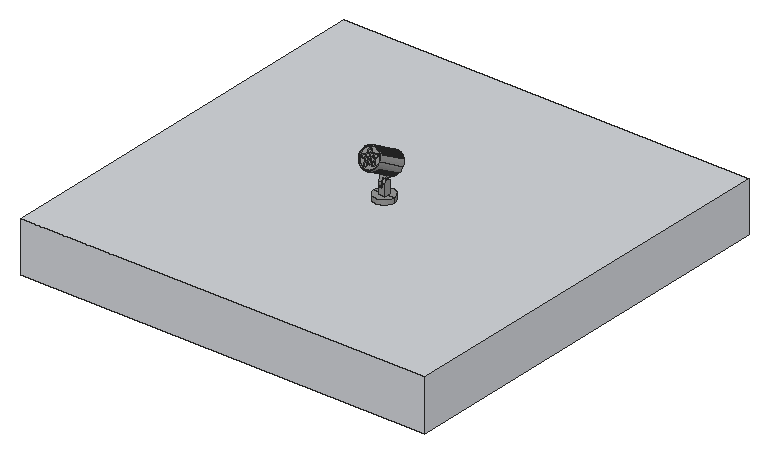
Revit family "LAMP_MINI SHOT G2", category Modelos genéricos, Revit 2015
Parameters (values of type "1146LM 3000 SPOT GR")
  Weight = 3.188 kg
  Type = "HI POWER NICHIA"
  Tilting [instance] = 30.00°
  Protection rating = "IP65 / IK06"
  Product datasheet = "http://www.lamp.es/product-files/TECH/MN215SP830NG-EN.pdf"
  Product code = "MN215SP830NG"
  Product URL = "http://www.lamp.es/en/family/shot_33486"
  Power Supply = "220-240V 50/60Hz"
  Power = 10 W
  Plum = 13.2 W
  Photometric web file = Cabeza MiniShot : 1146LM 3000 SPOT
  Modelo = Product code  # "MN215SP830NG"
  Model explanation = "Availability of tilting between -30º and 90º when placed in a project."
  Material cuerpo = LAMP_Aluminio Shot
  Material cabeza = LAMP_Aluminio Shot
  Manufacturer name = "LAMP"
  Manufacturer country = "Spain"
  Manufacturer URL = "http://www.lamp.es/en"
  MacAdam = "3"
  Luminaire type = "Outdoor - Spotlight"
  Last update = "11/04/2019"
  Lamp = "HIGH POWER LED"
  LED Lifetime [instance] = "60.000 L90 B10"
  Insulation class = "II"
  Installation instructions = "http://www.lamp.es/product-files/INS/1003120-C-INSTR.%20MICRO%20SHOT.pdf"
  Initial intensity = 1146 lm
  Initial color = 3000 K
  IEE = ""
  Height = 250 mm
  Gear = "Electronic"
  Finish = "Texturised grey"
  Fabricante = Manufacturer name  # "LAMP"
  Default Elevation = 1219.2 mm
  Efficacy = 86.8 lm/W
  Diameter = 127 mm
  Descripción = "MINI SHOT G2 1500 WW SP GR."
  Comentarios de tipo = Model explanation  # "Availability of tilting between -30º and 90º when placed in a project."
  CRI = "80"
  Angulo inclinacion [instance] = if(Tilting > 90.00°, 90.00°, if(Tilting < -30.00°, 210.00°, -Tilting + 180.00°))  # 150.00°
Types (24, lengths in mm): name | Weight | Product datasheet | Product code | Power | Plum | Photometric web file | Modelo | Material cuerpo | Material cabeza | Initial intensity | Initial color | IEE | Finish | Efficacy | Descripción
  1097LM 3000 MEDIUM FLOOD ANT | 3.188 kg | "http://www.lamp.es/product-files/TECH/MN215MF830NA-EN.pdf" | "MN215MF830NA" | 10 W | 13.2 W | Cabeza MiniShot : 1097LM 3000 MEDIUM FLOOD | "MN215MF830NA" | LAMP_Aluminio Shot Antracita | LAMP_Aluminio Shot Antracita | 1097 lm | 3000 K | "" | "Textured anthracite grey" | 83.1 lm/W | "MINI SHOT G2 1500 WW MFL ANT."
  1097LM 3000 MEDIUM FLOOD GR | 3.188 kg | "http://www.lamp.es/product-files/TECH/MN215MF830NG-EN.pdf" | "MN215MF830NG" | 10 W | 13.2 W | Cabeza MiniShot : 1097LM 3000 MEDIUM FLOOD | "MN215MF830NG" | LAMP_Aluminio Shot | LAMP_Aluminio Shot | 1097 lm | 3000 K | "" | "Texturised grey" | 83.1 lm/W | "MINI SHOT G2 1500 WW MFL GR."
  1097LM 4000 MEDIUM FLOOD ANT | 3.188 kg | "http://www.lamp.es/product-files/TECH/MN215MF840NA-EN.pdf" | "MN215MF840NA" | 10 W | 13.2 W | Cabeza MiniShot : 1097LM 4000 MEDIUM FLOOD | "MN215MF840NA" | LAMP_Aluminio Shot Antracita | LAMP_Aluminio Shot Antracita | 1097 lm | 4000 K | "" | "Textured anthracite grey" | 83.1 lm/W | "MINI SHOT G2 1500 NW MFL ANT."
  1097LM 4000 MEDIUM FLOOD GR | 3.188 kg | "http://www.lamp.es/product-files/TECH/MN215MF840NG-EN.pdf" | "MN215MF840NG" | 10 W | 13.2 W | Cabeza MiniShot : 1097LM 4000 MEDIUM FLOOD | "MN215MF840NG" | LAMP_Aluminio Shot | LAMP_Aluminio Shot | 1097 lm | 4000 K | "" | "Texturised grey" | 83.1 lm/W | "MINI SHOT G2 1500 NW MFL GR."
  1146LM 3000 SPOT ANT | 3.188 kg | "http://www.lamp.es/product-files/TECH/MN215SP830NA-EN.pdf" | "MN215SP830NA" | 10 W | 13.2 W | Cabeza MiniShot : 1146LM 3000 SPOT | "MN215SP830NA" | LAMP_Aluminio Shot Antracita | LAMP_Aluminio Shot Antracita | 1146 lm | 3000 K | "" | "Textured anthracite grey" | 86.8 lm/W | "MINI SHOT G2 1500 WW SP ANT."
  1146LM 3000 SPOT GR | 3.188 kg | "http://www.lamp.es/product-files/TECH/MN215SP830NG-EN.pdf" | "MN215SP830NG" | 10 W | 13.2 W | Cabeza MiniShot : 1146LM 3000 SPOT | "MN215SP830NG" | LAMP_Aluminio Shot | LAMP_Aluminio Shot | 1146 lm | 3000 K | "" | "Texturised grey" | 86.8 lm/W | "MINI SHOT G2 1500 WW SP GR."
  1146LM 4000 SPOT ANT | 3.188 kg | "http://www.lamp.es/product-files/TECH/MN215SP840NA-EN.pdf" | "MN215SP840NA" | 10 W | 13.2 W | Cabeza MiniShot : 1146LM 4000 SPOT | "MN215SP840NA" | LAMP_Aluminio Shot Antracita | LAMP_Aluminio Shot Antracita | 1146 lm | 4000 K | "" | "Textured anthracite grey" | 86.8 lm/W | "MINI SHOT G2 1500 NW SP ANT."
  1146LM 4000 SPOT GR | 3.188 kg | "http://www.lamp.es/product-files/TECH/MN215SP840NG-EN.pdf" | "MN215SP840NG" | 10 W | 13.2 W | Cabeza MiniShot : 1146LM 4000 SPOT | "MN215SP840NG" | LAMP_Aluminio Shot | LAMP_Aluminio Shot | 1146 lm | 4000 K | "" | "Texturised grey" | 86.8 lm/W | "MINI SHOT G2 1500 NW SP GR."
  2155LM 3000 MEDIUM FLOOD ANT | 3.212 kg | "http://www.lamp.es/product-files/TECH/MN230MF830NA-EN.pdf" | "MN230MF830NA" | 20 W | 23 W | Cabeza MiniShot : 2155LM 3000 MEDIUM FLOOD | "MN230MF830NA" | LAMP_Aluminio Shot Antracita | LAMP_Aluminio Shot Antracita | 2155 lm | 3000 K | "A+" | "Textured anthracite grey" | 93.7 lm/W | "MINI SHOT G2 2900 WW MFL ANT."
  2155LM 3000 MEDIUM FLOOD GR | 3.212 kg | "http://www.lamp.es/product-files/TECH/MN230MF830NG-EN.pdf" | "MN230MF830NG" | 20 W | 23 W | Cabeza MiniShot : 2155LM 3000 MEDIUM FLOOD | "MN230MF830NG" | LAMP_Aluminio Shot | LAMP_Aluminio Shot | 2155 lm | 3000 K | "" | "Texturised grey" | 93.7 lm/W | "MINI SHOT G2 2900 WW MFL GR."
  2155LM 4000 MEDIUM FLOOD ANT | 3.212 kg | "http://www.lamp.es/product-files/TECH/MN230MF840NA-EN.pdf" | "MN230MF840NA" | 20 W | 23 W | Cabeza MiniShot : 2155LM 4000 MEDIUM FLOOD | "MN230MF840NA" | LAMP_Aluminio Shot Antracita | LAMP_Aluminio Shot Antracita | 2155 lm | 4000 K | "A+" | "Textured anthracite grey" | 93.7 lm/W | "MINI SHOT G2 2900 NW MFL ANT."
  2155LM 4000 MEDIUM FLOOD GR | 3.212 kg | "http://www.lamp.es/product-files/TECH/MN230MF840NG-EN.pdf" | "MN230MF840NG" | 20 W | 23 W | Cabeza MiniShot : 2155LM 4000 MEDIUM FLOOD | "MN230MF840NG" | LAMP_Aluminio Shot | LAMP_Aluminio Shot | 2155 lm | 4000 K | "" | "Texturised grey" | 93.7 lm/W | "MINI SHOT G2 2900 NW MFL GR."
  2215LM 3000 SPOT ANT | 3.212 kg | "http://www.lamp.es/product-files/TECH/MN230SP830NA-EN.pdf" | "MN230SP830NA" | 20 W | 23 W | Cabeza MiniShot : 2215LM 3000 SPOT | "MN230SP830NA" | LAMP_Aluminio Shot Antracita | LAMP_Aluminio Shot Antracita | 2215 lm | 3000 K | "" | "Textured anthracite grey" | 96.3 lm/W | "MINI SHOT G2 2900 WW SP ANT."
  2215LM 3000 SPOT GR | 3.212 kg | "http://www.lamp.es/product-files/TECH/MN230SP830NG-EN.pdf" | "MN230SP830NG" | 20 W | 23 W | Cabeza MiniShot : 2215LM 3000 SPOT | "MN230SP830NG" | LAMP_Aluminio Shot | LAMP_Aluminio Shot | 2215 lm | 3000 K | "" | "Texturised grey" | 96.3 lm/W | "MINI SHOT G2 2900 WW SP GR."
  2215LM 4000 SPOT ANT | 3.212 kg | "http://www.lamp.es/product-files/TECH/MN230SP840NA-EN.pdf" | "MN230SP840NA" | 20 W | 23 W | Cabeza MiniShot : 2215LM 4000 SPOT | "MN230SP840NA" | LAMP_Aluminio Shot Antracita | LAMP_Aluminio Shot Antracita | 2215 lm | 4000 K | "A+" | "Textured anthracite grey" | 96.3 lm/W | "MINI SHOT G2 2900 NW SP ANT."
  2215LM 4000 SPOT GR | 3.212 kg | "http://www.lamp.es/product-files/TECH/MN230SP840NG-EN.pdf" | "MN230SP840NG" | 20 W | 23 W | Cabeza MiniShot : 2215LM 4000 SPOT | "MN230SP840NG" | LAMP_Aluminio Shot | LAMP_Aluminio Shot | 2215 lm | 4000 K | "" | "Texturised grey" | 96.3 lm/W | "MINI SHOT G2 2900 NW SP GR."
  2937LM 3000 MEDIUM FLOOD ANT | 3.212 kg | "http://www.lamp.es/product-files/TECH/MN240MF830NA-EN.pdf" | "MN240MF830NA" | 30 W | 33.5 W | Cabeza MiniShot : 2937LM 3000 MEDIUM FLOOD | "MN240MF830NA" | LAMP_Aluminio Shot Antracita | LAMP_Aluminio Shot Antracita | 2937 lm | 3000 K | "A+" | "Textured anthracite grey" | 87.7 lm/W | "MINI SHOT G2 3800 WW MFL ANT."
  2937LM 3000 MEDIUM FLOOD GR | 3.212 kg | "http://www.lamp.es/product-files/TECH/MN240MF830NG-EN.pdf" | "MN240MF830NG" | 30 W | 33.5 W | Cabeza MiniShot : 2937LM 3000 MEDIUM FLOOD | "MN240MF830NG" | LAMP_Aluminio Shot | LAMP_Aluminio Shot | 2937 lm | 3000 K | "A+" | "Texturised grey" | 87.7 lm/W | "MINI SHOT G2 3800 WW MFL GR."
  2937LM 4000 MEDIUM FLOOD ANT | 3.212 kg | "http://www.lamp.es/product-files/TECH/MN240MF840NA-EN.pdf" | "MN240MF840NA" | 30 W | 33.5 W | Cabeza MiniShot : 2937LM 4000 MEDIUM FLOOD | "MN240MF840NA" | LAMP_Aluminio Shot Antracita | LAMP_Aluminio Shot Antracita | 2937 lm | 4000 K | "A+" | "Textured anthracite grey" | 87.7 lm/W | "MINI SHOT G2 3800 NW MFL ANT."
  2937LM 4000 MEDIUM FLOOD GR | 3.212 kg | "http://www.lamp.es/product-files/TECH/MN240MF840NG-EN.pdf" | "MN240MF840NG" | 30 W | 33.5 W | Cabeza MiniShot : 2937LM 4000 MEDIUM FLOOD | "MN240MF840NG" | LAMP_Aluminio Shot | LAMP_Aluminio Shot | 2937 lm | 4000 K | "A+" | "Texturised grey" | 87.7 lm/W | "MINI SHOT G2 3800 NW MFL GR."
  3032LM 3000 SPOT ANT | 3.212 kg | "http://www.lamp.es/product-files/TECH/MN240SP830NA-EN.pdf" | "MN240SP830NA" | 30 W | 33.5 W | Cabeza MiniShot : 3032LM 3000 SPOT | "MN240SP830NA" | LAMP_Aluminio Shot Antracita | LAMP_Aluminio Shot Antracita | 3032 lm | 3000 K | "A+" | "Textured anthracite grey" | 90.5 lm/W | "MINI SHOT G2 3800 WW SP ANT."
  3032LM 3000 SPOT GR | 3.212 kg | "http://www.lamp.es/product-files/TECH/MN240SP830NG-EN.pdf" | "MN240SP830NG" | 30 W | 33.5 W | Cabeza MiniShot : 3032LM 3000 SPOT | "MN240SP830NG" | LAMP_Aluminio Shot | LAMP_Aluminio Shot | 3032 lm | 3000 K | "A+" | "Texturised grey" | 90.5 lm/W | "MINI SHOT G2 3800 WW SP GR."
  3032LM 4000 SPOT ANT | 3.212 kg | "http://www.lamp.es/product-files/TECH/MN240SP840NA-EN.pdf" | "MN240SP840NA" | 30 W | 33.5 W | Cabeza MiniShot : 3032LM 4000 SPOT | "MN240SP840NA" | LAMP_Aluminio Shot Antracita | LAMP_Aluminio Shot Antracita | 3032 lm | 4000 K | "A+" | "Textured anthracite grey" | 90.5 lm/W | "MINI SHOT G2 3800 NW SP ANT."
  3032LM 4000 SPOT GR | 3.212 kg | "http://www.lamp.es/product-files/TECH/MN240SP840NG-EN.pdf" | "MN240SP840NG" | 30 W | 33.5 W | Cabeza MiniShot : 3032LM 4000 SPOT | "MN240SP840NG" | LAMP_Aluminio Shot | LAMP_Aluminio Shot | 3032 lm | 4000 K | "A+" | "Texturised grey" | 90.5 lm/W | "MINI SHOT G2 3800 NW SP GR."
Reference planes
  plane 1 "Centro (Frontal/Posterior)": y = 0
  plane 2: z = 0
  plane 3 "Centro (Izquierda/Derecha)": x = 0
  plane 4: z = 88.45
Forms (mm)
  Extrusion 1, solid
    sketch origin (0, 0, 0) x (1, 0, 0) y (0, 1, 0)
      loop
        line (-1219.2, 1219.2) -> (-1219.2, -1219.2) -> (1219.2, -1219.2) -> (1219.2, 1219.2) -> (-1219.2, 1219.2)
    from 0 to -304.8
  Revolve 2, solid, material "LAMP_Aluminio Shot" <- "Material cuerpo"
    sketch origin (0, 0, 0) x (1, 0, 0) y (0, 0, 1)
      loop
        line (0, 0) -> (61, 0) -> (61, 26) -> (0, 26) -> (0, 0)
      axis (0, 26) -> (0, 0)
    angle from 0 to 360
  Extrusion 3, solid, material "LAMP_Aluminio Shot" <- "Material cuerpo"
    sketch origin (0, 0, -36.2) x (0, 1, 0) y (0, 0, 1)
      loop
        line (19.7, 62.2) -> (19.7, 124.7)
        arc (19.7, 124.7) -> (0, 144.4) -> (-19.7, 124.7) r 19.7
        line (-19.7, 124.7) -> (-19.7, 62.2) -> (19.7, 62.2)
    from -20 to 20
  Extrusion 4, void
    sketch origin (0, 0, -36.2) x (0, 1, 0) y (0, 0, 1)
      loop
        circle (0, 124.65) r 17
      loop
        circle (0, 124.65) r 6
      loop
        circle (0, 124.65) r 2.75
    from 3.917 to 16.658
  Extrusion 5, void
    sketch origin (0, 0, -36.2) x (0, 1, 0) y (0, 0, 1)
      loop
        line (19.7, 110.2) -> (19.7, 149.384) -> (-19.7, 149.384) -> (-19.7, 99.532) -> (2.12, 102.019)
        arc (2.12, 102.019) -> (10.771, 104.559) -> (17.707, 110.319) r 22.281
        arc (17.707, 110.319) -> (18.76, 111.198) -> (19.7, 110.2) r 1
      loop
        circle (0, 124.65) r 6
      loop
        circle (0, 124.65) r 2.75
    from -20 to 3.917
Cuts and joins
  Extrusion 4, Extrusion 5 cuts Extrusion 3
  Extrusion 5 cuts Revolve 2
Lines and regions (mm)
  reference lines
    curve 1: line (0, 0, 88.45) -> (0, -28.511, 39.067)
Text (mm)
  text "Any modification of the parameters and properties of the LAMP BIM models must be executed and validated by the LAMP technical department.\n\nPhone: +34 93 736 68 00\n\nE-mail: lamp@lamp.es\n\n\n\nLAMP reserves the right to modify the technical specifications of its products." at (12869.371, 20226.329, -11399.57), in view "Preview"
Dimensions and locks
  "Angulo inclinacion": angle curve 1 to plane 1 "Centro (Frontal/Posterior)"
  aligned and locked: plane 2 to Extrusion 1
  aligned and locked: level to Extrusion 1
  aligned and locked: plane 1 "Centro (Frontal/Posterior)" to curve 1
  aligned and locked: plane 4 to curve 1
Automatic sketch dimensions
  Extrusion 1 sketch curve to Extrusion 1 sketch curve = 2438.4 mm  (x2)
  Revolve 2 sketch curve to level = 0 mm
  Revolve 2 sketch curve to plane 3 "Centro (Izquierda/Derecha)" = 0 mm  (x2)
  plane 3 "Centro (Izquierda/Derecha)" to Revolve 2 sketch curve = 61 mm
  Revolve 2 sketch curve to Revolve 2 sketch curve = 26 mm
  Revolve 2 sketch curve to level = 609.6 mm
  plane 4 to Revolve 2 sketch curve = 2520.608 mm
  Extrusion 3 sketch curve to plane 1 "Centro (Frontal/Posterior)" = 0 mm
  plane 4 to Extrusion 3 sketch curve = 0.05 mm
  plane 1 "Centro (Frontal/Posterior)" to Extrusion 3 sketch curve = 19.7 mm
  level to Extrusion 3 sketch curve = 26 mm
  Extrusion 4 sketch curve to Extrusion 4 sketch curve = 0 mm  (x6)
  Extrusion 4 sketch curve to plane 1 "Centro (Frontal/Posterior)" = 0 mm
  Extrusion 4 sketch curve to plane 4 = 0 mm
  Extrusion 5 sketch curve to Extrusion 5 sketch curve = 0 mm  (x12)
  Extrusion 5 sketch curve to plane 4 = 0 mm
  Extrusion 5 sketch curve to plane 1 "Centro (Frontal/Posterior)" = 0 mm
  plane 1 "Centro (Frontal/Posterior)" to Extrusion 5 sketch curve = 19.7 mm
  Extrusion 5 sketch curve to plane 1 "Centro (Frontal/Posterior)" = 0.298 mm
  Extrusion 5 sketch curve to plane 1 "Centro (Frontal/Posterior)" = 2.12 mm
  Extrusion 5 sketch curve to Extrusion 5 sketch curve = 16.58 mm
  Extrusion 5 sketch curve to Extrusion 5 sketch curve = 1 mm
  Extrusion 5 sketch curve to plane 4 = 0.425 mm
  Extrusion 5 sketch curve to plane 4 = 14.45 mm
  Extrusion 5 sketch curve to Extrusion 5 sketch curve = 8.181 mm
  Extrusion 5 sketch curve to Extrusion 5 sketch curve = 2.486 mm
  plane 4 to Extrusion 5 sketch curve = 24.734 mm
  plane 1 "Centro (Frontal/Posterior)" to Extrusion 5 sketch curve = 2.75 mm
  Extrusion 5 sketch curve to Extrusion 5 sketch curve = 3.25 mm
  radius of Extrusion 4 sketch curve = 17 mm
  radius of Extrusion 4 sketch curve = 6 mm
  radius of Extrusion 4 sketch curve = 2.75 mm
Nested families
  nested 1: "Cabeza MiniShot" at (-2.6, -1336.187, 974.906) x (-1, 0, 0) z (0, 0.866, -0.5), type <- "Photometric web file", type "1146LM 3000 SPOT"
Connectors
  electrical at (-2.6, 63.83, 166.606)
    settings: on nested 1, index 1, voltage 230 V, apparent load 0 VA, apparent load phase1 0 VA, apparent load phase2 0 VA, apparent load phase3 0 VA, power factor 1, load classification "Otro", number of poles 1, system type 31, power factor state 1, is connector primary yes, connector utility no, sub classification motor no, connector description ""
Definition of nested family "Cabeza MiniShot"
  Parameters (values of type "1097LM 3000 MEDIUM FLOOD")
    Tilt Angle = 90.00°
    Wattage = 13.2 W
    built-in parameter 1150110 = 1 (stored number, unit not read)
    Material serigrafiado = none
    Material cristal = none
    Material cabeza = none
    built-in parameter 1114217 = 1 (stored number, unit not read)
    built-in parameter 1150109 = 1 (stored number, unit not read)
    Default Elevation = 1219.2 mm
    Dist. luz = 20 mm
    built-in parameter 1150134 = (empty or 0)
    built-in parameter 1150113 = 1 (stored number, unit not read)
    Lumens = 1096.92 lm
    built-in parameter 1150115 = 1 (stored number, unit not read)
    built-in parameter 1150105 = 87.29 (stored number, unit not read)
    built-in parameter 1150137 = (empty or 0)
    built-in parameter 1150139 = (empty or 0)
    built-in parameter 1150112 = 1 (stored number, unit not read)
    built-in parameter 1150114 = 1 (stored number, unit not read)
    built-in parameter 1150132 = 2
    built-in parameter 1150102 = (empty or 0)
    built-in parameter 1150138 = (empty or 0)
    built-in parameter 1150107 = 3000 (stored number, unit not read)
    built-in parameter 1150106 = 0.8729 (stored number, unit not read)
    built-in parameter 1150104 = 7.7202 (stored number, unit not read)
    Dimming Lamp Color Temperature Shift = (empty or 0)
    Color Filter = 16777215
    built-in parameter 1114218 = 1 (stored number, unit not read)
    Photometric Web File = "MN215MF830NA.IES"
    built-in parameter 1150133 = 10 (stored number, unit not read)
  Types (13, lengths in mm): name | Wattage | built-in parameter 1150134 | Lumens | built-in parameter 1150105 | built-in parameter 1150107 | built-in parameter 1150106 | built-in parameter 1150104 | Photometric Web File
    (no name) | 13.2 W | (empty or 0) | 1096.92 lm | 87.29 (stored number, unit not read) | 3000 (stored number, unit not read) | 0.8729 (stored number, unit not read) | 7.7202 (stored number, unit not read) | "MN215MF830NA.IES"
    1097LM 3000 MEDIUM FLOOD | 13.2 W | (empty or 0) | 1096.92 lm | 87.29 (stored number, unit not read) | 3000 (stored number, unit not read) | 0.8729 (stored number, unit not read) | 7.7202 (stored number, unit not read) | "MN215MF830NA.IES"
    1097LM 4000 MEDIUM FLOOD | 13.2 W | 12 | 1096.92 lm | 87.29 (stored number, unit not read) | 4000 (stored number, unit not read) | 0.8729 (stored number, unit not read) | 7.7202 (stored number, unit not read) | "MN215MF840NA.IES"
    1146LM 3000 SPOT | 13.2 W | (empty or 0) | 1145.76 lm | 5756.4 (stored number, unit not read) | 3000 (stored number, unit not read) | 57.564 (stored number, unit not read) | 8.064 (stored number, unit not read) | "MN215SP830NA.IES"
    1146LM 4000 SPOT | 13.2 W | 12 | 1145.76 lm | 5756.4 (stored number, unit not read) | 4000 (stored number, unit not read) | 57.564 (stored number, unit not read) | 8.064 (stored number, unit not read) | "MN215SP840NA.IES"
    2155LM 3000 MEDIUM FLOOD | 23 W | (empty or 0) | 2155.1 lm | 32086.6 (stored number, unit not read) | 3000 (stored number, unit not read) | 320.87 (stored number, unit not read) | 8.705 (stored number, unit not read) | "MN230MF830NA.IES"
    2155LM 4000 MEDIUM FLOOD | 23 W | 12 | 2155.1 lm | 32086.6 (stored number, unit not read) | 4000 (stored number, unit not read) | 320.87 (stored number, unit not read) | 8.705 (stored number, unit not read) | "MN230MF840NA.IES"
    2215LM 3000 SPOT | 23 W | (empty or 0) | 2214.9 lm | 34023.2 (stored number, unit not read) | 3000 (stored number, unit not read) | 340.23 (stored number, unit not read) | 8.9466 (stored number, unit not read) | "MN230SP830NA.IES"
    2215LM 4000 SPOT | 23 W | 12 | 2214.9 lm | 34023.2 (stored number, unit not read) | 4000 (stored number, unit not read) | 340.23 (stored number, unit not read) | 8.9466 (stored number, unit not read) | "MN230SP840NA.IES"
    2937LM 3000 MEDIUM FLOOD | 33.5 W | (empty or 0) | 2937.95 lm | 14727.3 (stored number, unit not read) | 3000 (stored number, unit not read) | 147.27 (stored number, unit not read) | 8.1476 (stored number, unit not read) | "MN240MF830NA.IES"
    2937LM 4000 MEDIUM FLOOD | 33.5 W | 12 | 2937.95 lm | 14727.3 (stored number, unit not read) | 4000 (stored number, unit not read) | 147.27 (stored number, unit not read) | 8.1476 (stored number, unit not read) | "MN240MF840NA.IES"
    3032LM 3000 SPOT | 33.5 W | (empty or 0) | 3031.75 lm | 15197.5 (stored number, unit not read) | 3000 (stored number, unit not read) | 151.98 (stored number, unit not read) | 8.4077 (stored number, unit not read) | "MN240SP830NA.IES"
    3032LM 4000 SPOT | 33.5 W | 12 | 3031.75 lm | 15197.5 (stored number, unit not read) | 4000 (stored number, unit not read) | 151.98 (stored number, unit not read) | 8.4077 (stored number, unit not read) | "MN240SP840NA.IES"
  Reference planes
    plane 1 "Eje de origen de luz (F/P)": y = 0
    plane 2: z = 0
    plane 3 "Eje de origen de luz (I/D)": x = 0
    plane 4 "Elevación de origen de luz": z = 1400
    plane 5: z = 1420
  Forms (mm)
    Revolve 1, solid, material <- "Material cabeza"
      sketch origin (0, 0, 0) x (1, 0, 0) y (0, 0, 1)
        loop
          line (63.5, 1420) -> (63.5, 1620) -> (0, 1620) -> (0, 1429) -> (58.5, 1429) -> (58.5, 1420) -> (63.5, 1420)
        axis (0, 1620) -> (0, 1420)
      angle from 0 to 360
    Extrusion 2, void
      sketch origin (0, 0, 1400) x (0, -1, 0) y (1, 0, 0)
        loop
          arc (34.823, -53.1) -> (37.913, -50.94) -> (40.869, -48.6) r 63.5
          line (40.869, -48.6) -> (-40.869, -48.6)
          arc (-40.869, -48.6) -> (-37.913, -50.94) -> (-34.823, -53.1) r 63.5
          line (-34.823, -53.1) -> (34.823, -53.1)
        loop
          arc (43.775, -46) -> (45.974, -43.802) -> (48.062, -41.5) r 63.5
          line (48.062, -41.5) -> (-48.062, -41.5)
          arc (-48.062, -41.5) -> (-45.974, -43.802) -> (-43.775, -46) r 63.5
          line (-43.775, -46) -> (43.775, -46)
        loop
          arc (50.19, -38.9) -> (51.831, -36.685) -> (53.375, -34.4) r 63.5
          line (53.375, -34.4) -> (-53.375, -34.4)
          arc (-53.375, -34.4) -> (-51.831, -36.685) -> (-50.19, -38.9) r 63.5
          line (-50.19, -38.9) -> (50.19, -38.9)
        loop
          arc (54.964, -31.8) -> (56.219, -29.525) -> (57.38, -27.2) r 63.5
          line (57.38, -27.2) -> (-57.38, -27.2)
          arc (-57.38, -27.2) -> (-56.219, -29.525) -> (-54.964, -31.8) r 63.5
          line (-54.964, -31.8) -> (54.964, -31.8)
        loop
          line (60.268, -20) -> (-60.268, -20)
          arc (-60.268, -20) -> (-59.449, -22.317) -> (-58.541, -24.6) r 63.5
          line (-58.541, -24.6) -> (58.541, -24.6)
          arc (58.541, -24.6) -> (59.449, -22.317) -> (60.268, -20) r 63.5
        loop
          line (8.35, -17.4) -> (61.07, -17.4)
          arc (61.07, -17.4) -> (61.676, -15.111) -> (62.197, -12.8) r 63.5
          line (62.197, -12.8) -> (14.445, -12.8)
          arc (14.445, -12.8) -> (11.627, -15.404) -> (8.35, -17.4) r 19.3
        loop
          arc (18.47, -5.6) -> (17.578, -7.969) -> (16.384, -10.2) r 19.3
          line (16.384, -10.2) -> (62.675, -10.2)
          arc (62.675, -10.2) -> (63.006, -7.905) -> (63.253, -5.6) r 63.5
          line (63.253, -5.6) -> (18.47, -5.6)
        loop
          line (19.162, -2.3) -> (63.458, -2.3)
          arc (63.458, -2.3) -> (63.5, 0) -> (63.458, 2.3) r 63.5
          line (63.458, 2.3) -> (19.162, 2.3)
          arc (19.162, 2.3) -> (19.3, 0) -> (19.162, -2.3) r 19.3
        loop
          line (34.823, 53.1) -> (-34.823, 53.1)
          arc (-34.823, 53.1) -> (-37.913, 50.94) -> (-40.869, 48.6) r 63.5
          line (-40.869, 48.6) -> (40.869, 48.6)
          arc (40.869, 48.6) -> (37.913, 50.94) -> (34.823, 53.1) r 63.5
        loop
          line (43.775, 46) -> (-43.775, 46)
          arc (-43.775, 46) -> (-45.974, 43.802) -> (-48.062, 41.5) r 63.5
          line (-48.062, 41.5) -> (48.062, 41.5)
          arc (48.062, 41.5) -> (45.974, 43.802) -> (43.775, 46) r 63.5
        loop
          line (50.19, 38.9) -> (-50.19, 38.9)
          arc (-50.19, 38.9) -> (-51.831, 36.685) -> (-53.375, 34.4) r 63.5
          line (-53.375, 34.4) -> (53.375, 34.4)
          arc (53.375, 34.4) -> (51.831, 36.685) -> (50.19, 38.9) r 63.5
        loop
          line (54.964, 31.8) -> (-54.964, 31.8)
          arc (-54.964, 31.8) -> (-56.219, 29.525) -> (-57.38, 27.2) r 63.5
          line (-57.38, 27.2) -> (57.38, 27.2)
          arc (57.38, 27.2) -> (56.219, 29.525) -> (54.964, 31.8) r 63.5
        loop
          arc (60.268, 20) -> (59.449, 22.317) -> (58.541, 24.6) r 63.5
          line (58.541, 24.6) -> (-58.541, 24.6)
          arc (-58.541, 24.6) -> (-59.449, 22.317) -> (-60.268, 20) r 63.5
          line (-60.268, 20) -> (60.268, 20)
        loop
          arc (8.35, 17.4) -> (11.627, 15.404) -> (14.445, 12.8) r 19.3
          line (14.445, 12.8) -> (62.197, 12.8)
          arc (62.197, 12.8) -> (61.676, 15.111) -> (61.07, 17.4) r 63.5
          line (61.07, 17.4) -> (8.35, 17.4)
        loop
          line (18.47, 5.6) -> (63.253, 5.6)
          arc (63.253, 5.6) -> (63.006, 7.905) -> (62.675, 10.2) r 63.5
          line (62.675, 10.2) -> (16.384, 10.2)
          arc (16.384, 10.2) -> (17.578, 7.969) -> (18.47, 5.6) r 19.3
        loop
          arc (-8.35, -17.4) -> (-19.3, 0) -> (-8.35, 17.4) r 19.3
          line (-8.35, 17.4) -> (-61.07, 17.4)
          arc (-61.07, 17.4) -> (-61.676, 15.111) -> (-62.197, 12.8) r 63.5
          arc (-62.197, 12.8) -> (-63.456, -2.368) -> (-61.07, -17.4) r 63.5
          line (-61.07, -17.4) -> (-8.35, -17.4)
        loop
          circle (0, 0) r 5.25
      from 216.6 to 220
    Extrusion 3, void
      sketch origin (0, 0, 1400) x (0, -1, 0) y (1, 0, 0)
        loop
          line (-34.823, -53.1) -> (-26.823, -53.1)
          arc (-26.823, -53.1) -> (-30.649, -50.988) -> (-34.309, -48.6) r 59.49
          line (-34.309, -48.6) -> (-40.869, -48.6)
          arc (-40.869, -48.6) -> (-37.913, -50.94) -> (-34.823, -53.1) r 63.5
        loop
          line (-43.775, -46) -> (-37.724, -46)
          arc (-37.724, -46) -> (-40.237, -43.819) -> (-42.624, -41.5) r 59.49
          line (-42.624, -41.5) -> (-48.062, -41.5)
          arc (-48.062, -41.5) -> (-45.974, -43.802) -> (-43.775, -46) r 63.5
        loop
          line (-50.19, -38.9) -> (-45.01, -38.9)
          arc (-45.01, -38.9) -> (-46.827, -36.692) -> (-48.536, -34.4) r 59.49
          line (-48.536, -34.4) -> (-53.375, -34.4)
          arc (-53.375, -34.4) -> (-51.831, -36.685) -> (-50.19, -38.9) r 63.5
        loop
          line (-54.964, -31.8) -> (-50.278, -31.8)
          arc (-50.278, -31.8) -> (-51.644, -29.529) -> (-52.908, -27.2) r 59.49
          line (-52.908, -27.2) -> (-57.38, -27.2)
          arc (-57.38, -27.2) -> (-56.219, -29.525) -> (-54.964, -31.8) r 63.5
        loop
          line (-58.541, -24.6) -> (-54.166, -24.6)
          arc (-54.166, -24.6) -> (-55.145, -22.319) -> (-56.028, -20) r 59.49
          line (-56.028, -20) -> (-60.268, -20)
          arc (-60.268, -20) -> (-59.449, -22.317) -> (-58.541, -24.6) r 63.5
        loop
          arc (-34.823, 53.1) -> (-37.913, 50.94) -> (-40.869, 48.6) r 63.5
          line (-40.869, 48.6) -> (-34.309, 48.6)
          arc (-34.309, 48.6) -> (-30.649, 50.988) -> (-26.823, 53.1) r 59.49
          line (-26.823, 53.1) -> (-34.823, 53.1)
        loop
          arc (-43.775, 46) -> (-45.974, 43.802) -> (-48.062, 41.5) r 63.5
          line (-48.062, 41.5) -> (-42.624, 41.5)
          arc (-42.624, 41.5) -> (-40.237, 43.819) -> (-37.724, 46) r 59.49
          line (-37.724, 46) -> (-43.775, 46)
        loop
          arc (-50.19, 38.9) -> (-51.831, 36.685) -> (-53.375, 34.4) r 63.5
          line (-53.375, 34.4) -> (-48.536, 34.4)
          arc (-48.536, 34.4) -> (-46.827, 36.692) -> (-45.01, 38.9) r 59.49
          line (-45.01, 38.9) -> (-50.19, 38.9)
        loop
          arc (-54.964, 31.8) -> (-56.219, 29.525) -> (-57.38, 27.2) r 63.5
          line (-57.38, 27.2) -> (-52.908, 27.2)
          arc (-52.908, 27.2) -> (-51.644, 29.529) -> (-50.278, 31.8) r 59.49
          line (-50.278, 31.8) -> (-54.964, 31.8)
        loop
          arc (-58.541, 24.6) -> (-59.449, 22.317) -> (-60.268, 20) r 63.5
          line (-60.268, 20) -> (-56.028, 20)
          arc (-56.028, 20) -> (-55.145, 22.319) -> (-54.166, 24.6) r 59.49
          line (-54.166, 24.6) -> (-58.541, 24.6)
        loop
          arc (34.823, -53.1) -> (37.913, -50.94) -> (40.869, -48.6) r 63.5
          line (40.869, -48.6) -> (34.309, -48.6)
          arc (34.309, -48.6) -> (30.649, -50.988) -> (26.823, -53.1) r 59.49
          line (26.823, -53.1) -> (34.823, -53.1)
        loop
          arc (43.775, -46) -> (45.974, -43.802) -> (48.062, -41.5) r 63.5
          line (48.062, -41.5) -> (42.624, -41.5)
          arc (42.624, -41.5) -> (40.237, -43.819) -> (37.724, -46) r 59.49
          line (37.724, -46) -> (43.775, -46)
        loop
          arc (50.19, -38.9) -> (51.831, -36.685) -> (53.375, -34.4) r 63.5
          line (53.375, -34.4) -> (48.536, -34.4)
          arc (48.536, -34.4) -> (46.827, -36.692) -> (45.01, -38.9) r 59.49
          line (45.01, -38.9) -> (50.19, -38.9)
        loop
          arc (54.964, -31.8) -> (56.219, -29.525) -> (57.38, -27.2) r 63.5
          line (57.38, -27.2) -> (52.908, -27.2)
          arc (52.908, -27.2) -> (51.644, -29.529) -> (50.278, -31.8) r 59.49
          line (50.278, -31.8) -> (54.964, -31.8)
        loop
          arc (58.541, -24.6) -> (59.449, -22.317) -> (60.268, -20) r 63.5
          line (60.268, -20) -> (56.028, -20)
          arc (56.028, -20) -> (55.145, -22.319) -> (54.166, -24.6) r 59.49
          line (54.166, -24.6) -> (58.541, -24.6)
        loop
          line (34.823, 53.1) -> (26.823, 53.1)
          arc (26.823, 53.1) -> (30.649, 50.988) -> (34.309, 48.6) r 59.49
          line (34.309, 48.6) -> (40.869, 48.6)
          arc (40.869, 48.6) -> (37.913, 50.94) -> (34.823, 53.1) r 63.5
        loop
          line (43.775, 46) -> (37.724, 46)
          arc (37.724, 46) -> (40.237, 43.819) -> (42.624, 41.5) r 59.49
          line (42.624, 41.5) -> (48.062, 41.5)
          arc (48.062, 41.5) -> (45.974, 43.802) -> (43.775, 46) r 63.5
        loop
          line (50.19, 38.9) -> (45.01, 38.9)
          arc (45.01, 38.9) -> (46.827, 36.692) -> (48.536, 34.4) r 59.49
          line (48.536, 34.4) -> (53.375, 34.4)
          arc (53.375, 34.4) -> (51.831, 36.685) -> (50.19, 38.9) r 63.5
        loop
          line (54.964, 31.8) -> (50.278, 31.8)
          arc (50.278, 31.8) -> (51.644, 29.529) -> (52.908, 27.2) r 59.49
          line (52.908, 27.2) -> (57.38, 27.2)
          arc (57.38, 27.2) -> (56.219, 29.525) -> (54.964, 31.8) r 63.5
        loop
          line (58.541, 24.6) -> (54.166, 24.6)
          arc (54.166, 24.6) -> (55.145, 22.319) -> (56.028, 20) r 59.49
          line (56.028, 20) -> (60.268, 20)
          arc (60.268, 20) -> (59.449, 22.317) -> (58.541, 24.6) r 63.5
        loop
          arc (61.07, -17.4) -> (61.676, -15.111) -> (62.197, -12.8) r 63.5
          line (62.197, -12.8) -> (58.097, -12.8)
          arc (58.097, -12.8) -> (57.539, -15.112) -> (56.889, -17.4) r 59.49
          line (56.889, -17.4) -> (61.07, -17.4)
        loop
          arc (62.675, -10.2) -> (63.006, -7.905) -> (63.253, -5.6) r 63.5
          line (63.253, -5.6) -> (59.226, -5.6)
          arc (59.226, -5.6) -> (58.963, -7.906) -> (58.609, -10.2) r 59.49
          line (58.609, -10.2) -> (62.675, -10.2)
        loop
          arc (63.458, -2.3) -> (63.5, 0) -> (63.458, 2.3) r 63.5
          line (63.458, 2.3) -> (59.446, 2.3)
          arc (59.446, 2.3) -> (59.49, 0) -> (59.446, -2.3) r 59.49
          line (59.446, -2.3) -> (63.458, -2.3)
        loop
          arc (63.253, 5.6) -> (63.006, 7.905) -> (62.675, 10.2) r 63.5
          line (62.675, 10.2) -> (58.609, 10.2)
          arc (58.609, 10.2) -> (58.963, 7.906) -> (59.226, 5.6) r 59.49
          line (59.226, 5.6) -> (63.253, 5.6)
        loop
          arc (62.197, 12.8) -> (61.676, 15.111) -> (61.07, 17.4) r 63.5
          line (61.07, 17.4) -> (56.889, 17.4)
          arc (56.889, 17.4) -> (57.539, 15.112) -> (58.097, 12.8) r 59.49
          line (58.097, 12.8) -> (62.197, 12.8)
        loop
          line (-61.07, -17.4) -> (-56.889, -17.4)
          arc (-56.889, -17.4) -> (-57.539, -15.112) -> (-58.097, -12.8) r 59.49
          line (-58.097, -12.8) -> (-62.197, -12.8)
          arc (-62.197, -12.8) -> (-61.676, -15.111) -> (-61.07, -17.4) r 63.5
        loop
          line (-62.675, -10.2) -> (-58.609, -10.2)
          arc (-58.609, -10.2) -> (-58.963, -7.906) -> (-59.226, -5.6) r 59.49
          line (-59.226, -5.6) -> (-63.253, -5.6)
          arc (-63.253, -5.6) -> (-63.006, -7.905) -> (-62.675, -10.2) r 63.5
        loop
          line (-63.458, -2.3) -> (-59.446, -2.3)
          arc (-59.446, -2.3) -> (-59.49, 0) -> (-59.446, 2.3) r 59.49
          line (-59.446, 2.3) -> (-63.458, 2.3)
          arc (-63.458, 2.3) -> (-63.5, 0) -> (-63.458, -2.3) r 63.5
        loop
          line (-63.253, 5.6) -> (-59.226, 5.6)
          arc (-59.226, 5.6) -> (-58.963, 7.906) -> (-58.609, 10.2) r 59.49
          line (-58.609, 10.2) -> (-62.675, 10.2)
          arc (-62.675, 10.2) -> (-63.006, 7.905) -> (-63.253, 5.6) r 63.5
        loop
          line (-62.197, 12.8) -> (-58.097, 12.8)
          arc (-58.097, 12.8) -> (-57.539, 15.112) -> (-56.889, 17.4) r 59.49
          line (-56.889, 17.4) -> (-61.07, 17.4)
          arc (-61.07, 17.4) -> (-61.676, 15.111) -> (-62.197, 12.8) r 63.5
      from 29 to 220
    Extrusion 4, void
      sketch origin (0, 0, 1400) x (0, -1, 0) y (1, 0, 0)
        loop
          arc (19.304, 53.1) -> (56.5, 0) -> (19.304, -53.1) r 56.5
          line (19.304, -53.1) -> (34.823, -53.1)
          arc (34.823, -53.1) -> (63.5, 0) -> (34.823, 53.1) r 63.5
          line (34.823, 53.1) -> (19.304, 53.1)
        loop
          line (-19.304, 53.1) -> (-34.823, 53.1)
          arc (-34.823, 53.1) -> (-63.5, 0) -> (-34.823, -53.1) r 63.5
          line (-34.823, -53.1) -> (-19.304, -53.1)
          arc (-19.304, -53.1) -> (-56.5, 0) -> (-19.304, 53.1) r 56.5
      from 40.091 to 52.575
    Extrusion 5, solid, material <- "Material serigrafiado"
      sketch origin (0, 0, 1400) x (0, -1, 0) y (1, 0, 0)
        loop
          circle (33.806, 11.468) r 10.8
        loop
          circle (20.841, -28.892) r 10.8
        loop
          circle (-20.397, -29.297) r 10.8
        loop
          circle (-33.954, 11.022) r 10.8
        loop
          circle (0, 35.698) r 10.8
        loop
          circle (-18.07, -5.871) r 10.8
        loop
          circle (-11.168, 15.371) r 10.8
        loop
          circle (11.168, 15.371) r 10.8
        loop
          circle (18.07, -5.871) r 10.8
        loop
          circle (0, -19) r 10.8
        loop
          circle (0, 0) r 58.5
      from 20 to 29
    Extrusion 6, solid, material <- "Material cristal"
      sketch origin (0, 0, 1400) x (0, -1, 0) y (1, 0, 0)
        loop
          circle (-20.397, -29.297) r 10.8
        loop
          circle (0, -19) r 10.8
        loop
          circle (20.841, -28.892) r 10.8
        loop
          circle (18.07, -5.871) r 10.8
        loop
          circle (11.168, 15.371) r 10.8
        loop
          circle (33.806, 11.468) r 10.8
        loop
          circle (0, 35.698) r 10.8
        loop
          circle (-11.168, 15.371) r 10.8
        loop
          circle (-18.07, -5.871) r 10.8
        loop
          circle (-33.954, 11.022) r 10.8
      from 20 to 29
    Extrusion 7, solid, material <- "Material cabeza"
      sketch origin (0, 0, 0) x (0, 1, 0) y (0, 0, 1)
        loop
          line (8.35, 1620) -> (8.35, 1574.281) -> (101.582, 1580.8)
          arc (101.582, 1580.8) -> (119.2, 1602.382) -> (97.618, 1620) r 19.7
          line (97.618, 1620) -> (8.35, 1620)
      from -17.4 to 17.4
    Extrusion 8, void
      sketch origin (0, 0, 1400) x (0, -1, 0) y (1, 0, 0)
        loop
          line (-6.754, -18.08) -> (-6.754, 18.08)
          arc (-6.754, 18.08) -> (-19.3, 0) -> (-6.754, -18.08) r 19.3
      from 216.6 to 220
    Extrusion 9, void
      sketch origin (0, 0, 0) x (0, 1, 0) y (0, 0, 1)
        loop
          circle (99.6, 1600.4) r 20.7
        loop
          circle (99.6, 1600.4) r 16.7
      from -17.4 to -2.3
    Extrusion 10, void
      sketch origin (0, 0, 0) x (0, 1, 0) y (0, 0, 1)
        loop
          circle (99.6, 1600.4) r 14.9
      from -17.4 to -2.3
    Extrusion 11, void
      sketch origin (0, 0, 0) x (0, 1, 0) y (0, 0, 1)
        loop
          line (92.942, 1620) -> (65.704, 1620) -> (65.704, 1600.4)
          arc (65.704, 1600.4) -> (70.096, 1587.651) -> (81.408, 1580.312) r 20.7
          line (81.408, 1580.312) -> (81.408, 1579.389) -> (94.604, 1580.312)
          arc (94.604, 1580.312) -> (83.292, 1587.651) -> (78.9, 1600.4) r 20.7
          arc (78.9, 1600.4) -> (82.773, 1612.455) -> (92.942, 1620) r 20.7
      from -17.4 to -2.3
    Extrusion 12, solid
      sketch origin (-0.287, 90.426, 1400) x (0, 1, 0) y (-1, 0, 0)
        loop
          line (-39.789, 15.458) -> (-50.469, 15.458)
          arc (-50.469, 15.458) -> (-51.094, 14.832) -> (-50.469, 14.207) r 0.626
          line (-50.469, 14.207) -> (-41.014, 14.207)
          arc (-41.014, 14.207) -> (-40.621, 14.044) -> (-40.459, 13.651) r 0.556
          line (-40.459, 13.651) -> (-40.459, 11.928) -> (-50.229, 8.566)
          arc (-50.229, 8.566) -> (-51.028, 7.445) -> (-50.228, 6.325) r 1.185
          line (-50.228, 6.325) -> (-40.945, 3.132)
          arc (-40.945, 3.132) -> (-40.47, 2.335) -> (-41.178, 1.736) r 0.718
          line (-41.178, 1.736) -> (-49.876, 1.736)
          arc (-49.876, 1.736) -> (-51.137, 0.828) -> (-50.678, -0.657) r 1.33
          line (-50.678, -0.657) -> (-48.681, -2.653) -> (-50.678, -4.649)
          arc (-50.678, -4.649) -> (-51.137, -6.134) -> (-49.876, -7.042) r 1.33
          line (-49.876, -7.042) -> (-41.037, -7.042)
          arc (-41.037, -7.042) -> (-40.628, -7.211) -> (-40.459, -7.62) r 0.578
          line (-40.459, -7.62) -> (-40.459, -8.907)
          arc (-40.459, -8.907) -> (-40.629, -9.318) -> (-41.04, -9.488) r 0.581
          line (-41.04, -9.488) -> (-50.447, -9.488)
          arc (-50.447, -9.488) -> (-50.858, -9.659) -> (-51.028, -10.07) r 0.581
          line (-51.028, -10.07) -> (-51.028, -15.156)
          arc (-51.028, -15.156) -> (-50.855, -15.572) -> (-50.439, -15.745) r 0.589
          line (-50.439, -15.745) -> (-45.958, -15.745)
          arc (-45.958, -15.745) -> (-45.561, -15.58) -> (-45.397, -15.184) r 0.561
          line (-45.397, -15.184) -> (-45.397, -11.512)
          arc (-45.397, -11.512) -> (-46.023, -10.886) -> (-46.648, -11.512) r 0.626
          line (-46.648, -11.512) -> (-46.648, -13.918)
          arc (-46.648, -13.918) -> (-46.817, -14.325) -> (-47.223, -14.493) r 0.575
          line (-47.223, -14.493) -> (-49.198, -14.493)
          arc (-49.198, -14.493) -> (-49.607, -14.324) -> (-49.777, -13.915) r 0.579
          line (-49.777, -13.915) -> (-49.777, -11.301)
          arc (-49.777, -11.301) -> (-49.612, -10.904) -> (-49.215, -10.74) r 0.562
          line (-49.215, -10.74) -> (-39.805, -10.74)
          arc (-39.805, -10.74) -> (-39.394, -10.569) -> (-39.223, -10.158) r 0.581
          line (-39.223, -10.158) -> (-39.223, -6.306)
          arc (-39.223, -6.306) -> (-39.381, -5.926) -> (-39.76, -5.769) r 0.537
          line (-39.76, -5.769) -> (-49.697, -5.769) -> (-46.581, -2.653) -> (-49.697, 0.463) -> (-39.856, 0.463)
          arc (-39.856, 0.463) -> (-39.464, 0.625) -> (-39.303, 1.016) r 0.553
          line (-39.303, 1.016) -> (-39.303, 3.892) -> (-49.634, 7.446) -> (-39.223, 11.028) -> (-39.223, 14.892)
          arc (-39.223, 14.892) -> (-39.389, 15.292) -> (-39.789, 15.458) r 0.566
      from 220 to 221
  Cuts and joins
    Extrusion 2, Extrusion 3, Extrusion 4 cuts Revolve 1
    Extrusion 8, Extrusion 9, Extrusion 10, Extrusion 11 cuts Extrusion 7
  Dimensions and locks
    "Dist. luz": plane 5 to plane 4 "Elevación de origen de luz"
    aligned and locked: plane 3 "Eje de origen de luz (I/D)" to imposter light
    aligned and locked: plane 1 "Eje de origen de luz (F/P)" to imposter light
    aligned and locked: plane 4 "Elevación de origen de luz" to imposter light
    aligned and locked: plane 2 to level
  Automatic sketch dimensions
    Revolve 1 sketch curve to plane 3 "Eje de origen de luz (I/D)" = 0 mm  (x2)
    Revolve 1 sketch curve to plane 5 = 0 mm
    plane 5 to Revolve 1 sketch curve = 9 mm
    Revolve 1 sketch curve to Revolve 1 sketch curve = 58.5 mm
    Revolve 1 sketch curve to Revolve 1 sketch curve = 5 mm
    Revolve 1 sketch curve to Revolve 1 sketch curve = 191 mm
    Revolve 1 sketch curve to level = 304.8 mm
    Revolve 1 sketch curve to Revolve 1 sketch curve = 746.751 mm
    Extrusion 2 sketch curve to Extrusion 2 sketch curve = 0 mm  (x1123)
    plane 1 "Eje de origen de luz (F/P)" to Extrusion 2 sketch curve = 0 mm
    Extrusion 2 sketch curve to plane 3 "Eje de origen de luz (I/D)" = 0 mm
    Extrusion 2 sketch curve to plane 1 "Eje de origen de luz (F/P)" = 8.35 mm  (x2)
    Extrusion 2 sketch curve to plane 1 "Eje de origen de luz (F/P)" = 34.823 mm  (x2)
    Extrusion 2 sketch curve to Extrusion 2 sketch curve = 6.046 mm  (x2)
    Extrusion 2 sketch curve to Extrusion 2 sketch curve = 2.906 mm  (x4)
    Extrusion 2 sketch curve to Extrusion 2 sketch curve = 4.287 mm  (x2)
    Extrusion 2 sketch curve to Extrusion 2 sketch curve = 2.128 mm  (x4)
    Extrusion 2 sketch curve to Extrusion 2 sketch curve = 3.185 mm  (x2)
    Extrusion 2 sketch curve to Extrusion 2 sketch curve = 1.589 mm  (x4)
    Extrusion 2 sketch curve to Extrusion 2 sketch curve = 2.416 mm  (x2)
    Extrusion 2 sketch curve to Extrusion 2 sketch curve = 1.162 mm  (x4)
    Extrusion 2 sketch curve to Extrusion 2 sketch curve = 1.727 mm  (x2)
    Extrusion 2 sketch curve to Extrusion 2 sketch curve = 0.801 mm  (x3)
    plane 1 "Eje de origen de luz (F/P)" to Extrusion 2 sketch curve = 8.35 mm  (x2)
    Extrusion 2 sketch curve to Extrusion 2 sketch curve = 6.094 mm  (x2)
    Extrusion 2 sketch curve to Extrusion 2 sketch curve = 1.94 mm  (x2)
    Extrusion 2 sketch curve to Extrusion 2 sketch curve = 2.085 mm  (x2)
    Extrusion 2 sketch curve to Extrusion 2 sketch curve = 0.693 mm  (x2)
    Extrusion 2 sketch curve to plane 3 "Eje de origen de luz (I/D)" = 2.3 mm
    plane 1 "Eje de origen de luz (F/P)" to Extrusion 2 sketch curve = 34.823 mm  (x2)
    Extrusion 2 sketch curve to Extrusion 2 sketch curve = 0.479 mm  (x2)
    Extrusion 2 sketch curve to Extrusion 2 sketch curve = 0.206 mm
    Extrusion 2 sketch curve to Extrusion 2 sketch curve = 3.3 mm  (x2)
    Extrusion 2 sketch curve to Extrusion 2 sketch curve = 2.6 mm  (x12)
    Extrusion 2 sketch curve to Extrusion 2 sketch curve = 1.127 mm
    Extrusion 3 sketch curve to Extrusion 3 sketch curve = 0 mm  (x3540)
    plane 1 "Eje de origen de luz (F/P)" to Extrusion 3 sketch curve = 0 mm
    Extrusion 3 sketch curve to plane 3 "Eje de origen de luz (I/D)" = 0 mm
    Extrusion 3 sketch curve to plane 1 "Eje de origen de luz (F/P)" = 26.823 mm  (x2)
    Extrusion 3 sketch curve to Extrusion 3 sketch curve = 7.486 mm  (x4)
    Extrusion 3 sketch curve to Extrusion 3 sketch curve = 0.514 mm  (x4)
    Extrusion 3 sketch curve to Extrusion 3 sketch curve = 3.145 mm  (x4)
    Extrusion 3 sketch curve to Extrusion 3 sketch curve = 4.901 mm  (x4)
    Extrusion 3 sketch curve to Extrusion 3 sketch curve = 2.906 mm  (x4)
    Extrusion 3 sketch curve to Extrusion 3 sketch curve = 2.385 mm  (x4)
    Extrusion 3 sketch curve to Extrusion 3 sketch curve = 3.526 mm  (x4)
    Extrusion 3 sketch curve to Extrusion 3 sketch curve = 2.128 mm  (x4)
    Extrusion 3 sketch curve to Extrusion 3 sketch curve = 1.742 mm  (x4)
    Extrusion 3 sketch curve to Extrusion 3 sketch curve = 2.63 mm  (x4)
    Extrusion 3 sketch curve to Extrusion 3 sketch curve = 1.258 mm  (x4)
    Extrusion 3 sketch curve to Extrusion 3 sketch curve = 1.589 mm  (x4)
    Extrusion 3 sketch curve to Extrusion 3 sketch curve = 1.862 mm  (x4)
    Extrusion 3 sketch curve to Extrusion 3 sketch curve = 0.861 mm  (x4)
    Extrusion 3 sketch curve to Extrusion 3 sketch curve = 1.208 mm  (x4)
    Extrusion 3 sketch curve to Extrusion 3 sketch curve = 1.162 mm  (x4)
    Extrusion 3 sketch curve to Extrusion 3 sketch curve = 0.512 mm  (x4)
    Extrusion 3 sketch curve to Extrusion 3 sketch curve = 0.617 mm  (x4)
    Extrusion 3 sketch curve to Extrusion 3 sketch curve = 0.22 mm  (x4)
    Extrusion 3 sketch curve to plane 3 "Eje de origen de luz (I/D)" = 2.3 mm
    Extrusion 3 sketch curve to Extrusion 3 sketch curve = 0.801 mm  (x4)
    Extrusion 3 sketch curve to Extrusion 3 sketch curve = 0.479 mm  (x4)
    Extrusion 3 sketch curve to Extrusion 3 sketch curve = 0.206 mm  (x2)
    plane 1 "Eje de origen de luz (F/P)" to Extrusion 3 sketch curve = 26.823 mm  (x2)
    plane 3 "Eje de origen de luz (I/D)" to Extrusion 3 sketch curve = 2.3 mm
    Extrusion 3 sketch curve to Extrusion 3 sketch curve = 3.3 mm  (x4)
    Extrusion 3 sketch curve to Extrusion 3 sketch curve = 2.6 mm  (x24)
    Extrusion 4 sketch curve to Extrusion 4 sketch curve = 0 mm  (x12)
    plane 1 "Eje de origen de luz (F/P)" to Extrusion 4 sketch curve = 0 mm
    Extrusion 4 sketch curve to plane 3 "Eje de origen de luz (I/D)" = 0 mm
    Extrusion 4 sketch curve to plane 1 "Eje de origen de luz (F/P)" = 19.304 mm  (x2)
    Extrusion 4 sketch curve to Extrusion 4 sketch curve = 15.519 mm  (x2)
    plane 1 "Eje de origen de luz (F/P)" to Extrusion 4 sketch curve = 19.304 mm  (x2)
    Extrusion 4 sketch curve to plane 3 "Eje de origen de luz (I/D)" = 53.1 mm  (x2)
    plane 1 "Eje de origen de luz (F/P)" to Extrusion 5 sketch curve = 0 mm  (x3)
    Extrusion 5 sketch curve to plane 3 "Eje de origen de luz (I/D)" = 0 mm
    Extrusion 5 sketch curve to plane 1 "Eje de origen de luz (F/P)" = 11.168 mm
    Extrusion 5 sketch curve to plane 3 "Eje de origen de luz (I/D)" = 5.871 mm  (x2)
    Extrusion 5 sketch curve to plane 1 "Eje de origen de luz (F/P)" = 18.07 mm
    Extrusion 5 sketch curve to plane 1 "Eje de origen de luz (F/P)" = 20.397 mm
    plane 3 "Eje de origen de luz (I/D)" to Extrusion 5 sketch curve = 11.022 mm
    Extrusion 5 sketch curve to Extrusion 5 sketch curve = 15.884 mm
    plane 1 "Eje de origen de luz (F/P)" to Extrusion 5 sketch curve = 11.168 mm
    plane 1 "Eje de origen de luz (F/P)" to Extrusion 5 sketch curve = 18.07 mm
    plane 1 "Eje de origen de luz (F/P)" to Extrusion 5 sketch curve = 20.841 mm
    plane 3 "Eje de origen de luz (I/D)" to Extrusion 5 sketch curve = 11.468 mm
    Extrusion 5 sketch curve to Extrusion 5 sketch curve = 22.638 mm
    Extrusion 5 sketch curve to Extrusion 5 sketch curve = 19 mm
    Extrusion 5 sketch curve to Extrusion 5 sketch curve = 9.892 mm
    Extrusion 5 sketch curve to Extrusion 5 sketch curve = 10.297 mm
    plane 3 "Eje de origen de luz (I/D)" to Extrusion 5 sketch curve = 15.371 mm  (x2)
    Extrusion 5 sketch curve to Extrusion 5 sketch curve = 20.327 mm
    Extrusion 6 sketch curve to Extrusion 6 sketch curve = 0 mm  (x21)
    plane 1 "Eje de origen de luz (F/P)" to Extrusion 6 sketch curve = 0 mm  (x2)
    Extrusion 6 sketch curve to plane 1 "Eje de origen de luz (F/P)" = 11.168 mm
    Extrusion 6 sketch curve to plane 3 "Eje de origen de luz (I/D)" = 5.871 mm  (x2)
    Extrusion 6 sketch curve to plane 1 "Eje de origen de luz (F/P)" = 18.07 mm
    Extrusion 6 sketch curve to plane 1 "Eje de origen de luz (F/P)" = 20.397 mm
    plane 3 "Eje de origen de luz (I/D)" to Extrusion 6 sketch curve = 11.022 mm
    Extrusion 6 sketch curve to Extrusion 6 sketch curve = 15.884 mm
    plane 1 "Eje de origen de luz (F/P)" to Extrusion 6 sketch curve = 11.168 mm
    plane 1 "Eje de origen de luz (F/P)" to Extrusion 6 sketch curve = 18.07 mm
    plane 1 "Eje de origen de luz (F/P)" to Extrusion 6 sketch curve = 20.841 mm
    plane 3 "Eje de origen de luz (I/D)" to Extrusion 6 sketch curve = 11.468 mm
    Extrusion 6 sketch curve to Extrusion 6 sketch curve = 22.638 mm
    Extrusion 6 sketch curve to Extrusion 6 sketch curve = 13.129 mm
    Extrusion 6 sketch curve to Extrusion 6 sketch curve = 9.892 mm
    Extrusion 6 sketch curve to Extrusion 6 sketch curve = 10.297 mm
    Extrusion 6 sketch curve to Extrusion 6 sketch curve = 4.35 mm
    Extrusion 6 sketch curve to Extrusion 6 sketch curve = 20.327 mm
    Extrusion 6 sketch curve to plane 1 "Eje de origen de luz (F/P)" = 0.368 mm
    Extrusion 6 sketch curve to plane 1 "Eje de origen de luz (F/P)" = 7.27 mm
    Extrusion 6 sketch curve to plane 1 "Eje de origen de luz (F/P)" = 9.597 mm
    Extrusion 6 sketch curve to Extrusion 6 sketch curve = 1.203 mm
    Extrusion 6 sketch curve to Extrusion 6 sketch curve = 10.8 mm
    Extrusion 6 sketch curve to Extrusion 6 sketch curve = 1.186 mm
    plane 1 "Eje de origen de luz (F/P)" to Extrusion 6 sketch curve = 0.368 mm
    plane 1 "Eje de origen de luz (F/P)" to Extrusion 6 sketch curve = 7.27 mm
    Extrusion 6 sketch curve to Extrusion 6 sketch curve = 0.759 mm
    Extrusion 6 sketch curve to Extrusion 6 sketch curve = 1.038 mm
    Extrusion 7 sketch curve to plane 1 "Eje de origen de luz (F/P)" = 8.35 mm
    Extrusion 7 sketch curve to Extrusion 7 sketch curve = 89.267 mm
    Extrusion 7 sketch curve to Extrusion 7 sketch curve = 1.982 mm  (x2)
    plane 5 to Extrusion 7 sketch curve = 154.281 mm
    Extrusion 7 sketch curve to Extrusion 7 sketch curve = 6.519 mm
    Extrusion 7 sketch curve to Extrusion 7 sketch curve = 19.6 mm
    plane 1 "Eje de origen de luz (F/P)" to Extrusion 8 sketch curve = 0 mm
    Extrusion 8 sketch curve to plane 3 "Eje de origen de luz (I/D)" = 0 mm
    Extrusion 8 sketch curve to plane 1 "Eje de origen de luz (F/P)" = 6.754 mm
    Extrusion 8 sketch curve to plane 3 "Eje de origen de luz (I/D)" = 18.08 mm
    Extrusion 9 sketch curve to Extrusion 9 sketch curve = 0 mm  (x2)
    Extrusion 9 sketch curve to plane 1 "Eje de origen de luz (F/P)" = 99.6 mm
    plane 5 to Extrusion 9 sketch curve = 180.4 mm
    Extrusion 10 sketch curve to plane 1 "Eje de origen de luz (F/P)" = 99.6 mm
    plane 5 to Extrusion 10 sketch curve = 180.4 mm
    Extrusion 11 sketch curve to Extrusion 11 sketch curve = 0 mm  (x3)
    Extrusion 11 sketch curve to plane 1 "Eje de origen de luz (F/P)" = 65.704 mm
    Extrusion 11 sketch curve to Extrusion 11 sketch curve = 15.704 mm
    Extrusion 11 sketch curve to Extrusion 11 sketch curve = 4.996 mm
    Extrusion 11 sketch curve to Extrusion 11 sketch curve = 6.538 mm
    Extrusion 11 sketch curve to Extrusion 11 sketch curve = 13.196 mm  (x2)
    plane 5 to Extrusion 11 sketch curve = 159.389 mm
    Extrusion 11 sketch curve to Extrusion 11 sketch curve = 0.923 mm  (x2)
    Extrusion 12 sketch curve to plane 3 "Eje de origen de luz (I/D)" = 9.783 mm
    plane 1 "Eje de origen de luz (F/P)" to Extrusion 12 sketch curve = 39.398 mm
    Extrusion 12 sketch curve to plane 3 "Eje de origen de luz (I/D)" = 0.37 mm
    Extrusion 12 sketch curve to Extrusion 12 sketch curve = 0.35 mm
    Extrusion 12 sketch curve to plane 3 "Eje de origen de luz (I/D)" = 4.363 mm
    Extrusion 12 sketch curve to Extrusion 12 sketch curve = 0 mm  (x3)
    Extrusion 12 sketch curve to Extrusion 12 sketch curve = 0.209 mm  (x2)
    Extrusion 12 sketch curve to Extrusion 12 sketch curve = 0.581 mm  (x2)
    Extrusion 12 sketch curve to Extrusion 12 sketch curve = 0.589 mm
    plane 3 "Eje de origen de luz (I/D)" to Extrusion 12 sketch curve = 8.853 mm
    Extrusion 12 sketch curve to Extrusion 12 sketch curve = 0.24 mm
    plane 3 "Eje de origen de luz (I/D)" to Extrusion 12 sketch curve = 6.612 mm
    Extrusion 12 sketch curve to Extrusion 12 sketch curve = 0.802 mm  (x2)
    Extrusion 12 sketch curve to Extrusion 12 sketch curve = 0.385 mm
    Extrusion 12 sketch curve to Extrusion 12 sketch curve = 0.67 mm
    Extrusion 12 sketch curve to Extrusion 12 sketch curve = 0.179 mm  (x2)
    plane 3 "Eje de origen de luz (I/D)" to Extrusion 12 sketch curve = 7.732 mm
    Extrusion 12 sketch curve to Extrusion 12 sketch curve = 0.562 mm
    Extrusion 12 sketch curve to Extrusion 12 sketch curve = 0.579 mm
    Extrusion 12 sketch curve to Extrusion 12 sketch curve = 1.975 mm
    Extrusion 12 sketch curve to Extrusion 12 sketch curve = 0.575 mm
    Extrusion 12 sketch curve to plane 3 "Eje de origen de luz (I/D)" = 2.366 mm
    Extrusion 12 sketch curve to Extrusion 12 sketch curve = 2.1 mm
    Extrusion 12 sketch curve to Extrusion 12 sketch curve = 0.626 mm  (x2)
    Extrusion 12 sketch curve to Extrusion 12 sketch curve = 0.561 mm
    plane 3 "Eje de origen de luz (I/D)" to Extrusion 12 sketch curve = 2.022 mm
    Extrusion 12 sketch curve to Extrusion 12 sketch curve = 5.403 mm
    Extrusion 12 sketch curve to Extrusion 12 sketch curve = 4.357 mm
    Extrusion 12 sketch curve to Extrusion 12 sketch curve = 0.003 mm
    Extrusion 12 sketch curve to Extrusion 12 sketch curve = 9.454 mm
    plane 3 "Eje de origen de luz (I/D)" to Extrusion 12 sketch curve = 3.419 mm
    Extrusion 12 sketch curve to Extrusion 12 sketch curve = 0.233 mm
    plane 3 "Eje de origen de luz (I/D)" to Extrusion 12 sketch curve = 12.214 mm
    Extrusion 12 sketch curve to Extrusion 12 sketch curve = 0.556 mm
    plane 3 "Eje de origen de luz (I/D)" to Extrusion 12 sketch curve = 0.749 mm
    Extrusion 12 sketch curve to Extrusion 12 sketch curve = 1.323 mm
    Extrusion 12 sketch curve to Extrusion 12 sketch curve = 1.235 mm  (x2)
    Extrusion 12 sketch curve to Extrusion 12 sketch curve = 1.225 mm
    Extrusion 12 sketch curve to Extrusion 12 sketch curve = 1.276 mm
    Extrusion 12 sketch curve to Extrusion 12 sketch curve = 1.642 mm
    Extrusion 12 sketch curve to Extrusion 12 sketch curve = 0.537 mm
    Extrusion 12 sketch curve to Extrusion 12 sketch curve = 1.723 mm
    Extrusion 12 sketch curve to Extrusion 12 sketch curve = 0.9 mm
    Extrusion 12 sketch curve to Extrusion 12 sketch curve = 0.76 mm
    Extrusion 12 sketch curve to Extrusion 12 sketch curve = 0.057 mm
    Extrusion 12 sketch curve to Extrusion 12 sketch curve = 1.252 mm
    Extrusion 12 sketch curve to Extrusion 12 sketch curve = 0.21 mm
    Extrusion 12 sketch curve to Extrusion 12 sketch curve = 2.613 mm
    Extrusion 12 sketch curve to Extrusion 12 sketch curve = 1.241 mm
    radius of Extrusion 2 sketch curve = 5.25 mm
    radius of Extrusion 5 sketch curve = 10.8 mm  (x10)
    radius of Extrusion 5 sketch curve = 58.5 mm
    radius of Extrusion 9 sketch curve = 20.7 mm
    radius of Extrusion 9 sketch curve = 16.7 mm
    radius of Extrusion 10 sketch curve = 14.9 mm
